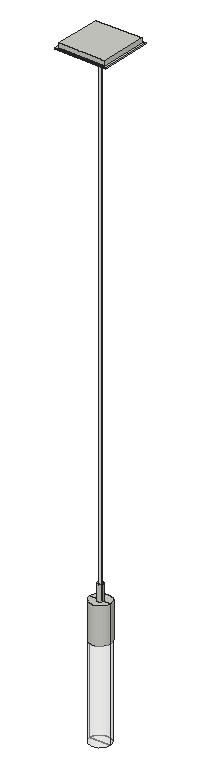
Revit family "Hemera_CDM_Cassandra-micro-suspension_R21", category Lighting Fixtures, host Ceiling, Revit 2021
Family settings
  Host = Ceiling
  Round Connector Dimension = Use Diameter
  Part Type = Normal
  OmniClass Number = 23.80.70.11
  OmniClass Title = Luminaries for Internal Lighting
  Always vertical = Yes
  Cut with Voids When Loaded = No
  Light Source = Yes
  Shared = No
  Room Calculation Point = No
Parameters (values of type "CDM-31-PWC-MD-COB-9W/90/30K-D010-UNV")
  Wattage = 10.75 W
  built-in parameter 1150110 = 1 (stored number, unit not read)
  HL_Wattage [instance] = if(HL_Voltage_120V, 10.8 W, 11 W)  # 10.8 W
  HL_Voltage_120V [instance] = yes
  HL_Voltage [instance] = if(HL_Voltage_120V, 120 V, 277 V)  # 120 V
  HL_URL = "http://www.hemeralighting.org/pdf/cassandra-micro-suspension"
  HL_CylinderSize = 228.60 mm
  HL_Suspension [instance] = if(HL_CableLength < 101.60 mm, 101.60 mm, if(HL_CableLength > 9144.00 mm, 9144.00 mm, HL_CableLength))  # 1219.20 mm
  HL_CordDiameter = if(HL_COC, 3.18 mm / 2, 6.35 mm / 2)  # 3.175 mm
  HL_CanopyRadius = HL_CanopyDiameter / 2  # 25.40 mm
  HL_REM-MC = not(HL_D010)  # no
  HL_NumberofPoles = 1
  HL_Model = "CASSANDRA Micro-Suspension"  # constant formula
  HL_CableLength [instance] = 1219.20 mm
  HL_LoadClassification = Eclairage
  HL_CanopyHeigth = 6.35 mm  # constant formula
  HL_Frequency = 60 Hz
  HL_FinishCanopy = 31-Polished nickel plated
  HL_FinishCylinder = 31-Polished nickel plated
  HL_FinishCable = PWC-Pearly white cord
  HL_Manufacturer = "Hèmèra Inc."  # constant formula
  HL_CanopyDiameter = 50.80 mm  # constant formula
  HL_CableStart = if(HL_D010, 10.92 mm + 1.65 mm + 19.05 mm, 6.35 mm + 9.53 mm)  # 31.62 mm
  HL_D010 = yes
  HL_ProductCode = "CDM"  # constant formula
  HL_FeatureCode = "CDM-31-PWC-MD-COB-9W/90/30K-D010-UNV"
  HL_COC = no
  HL_Amperage [instance] = if(HL_Voltage_120V, 0.09 A, 0.04 A)  # 0.09 A
  Photometric Web File = "CDM.ies"
  built-in parameter 1114217 = 0.7 (stored number, unit not read)
  built-in parameter 1150109 = 1 (stored number, unit not read)
  Emit from Circle Diameter = 50.80 mm  # constant formula
  Emit Shape Visible in Rendering = no
  built-in parameter 1150134 = (empty or 0)
  built-in parameter 1150113 = 1 (stored number, unit not read)
  Lumens = 496.65 lm
  built-in parameter 1150115 = 1 (stored number, unit not read)
  built-in parameter 1150105 = 39.522 (stored number, unit not read)
  built-in parameter 1150137 = (empty or 0)
  built-in parameter 1150139 = (empty or 0)
  built-in parameter 1150112 = 1 (stored number, unit not read)
  built-in parameter 1150114 = 1 (stored number, unit not read)
  built-in parameter 1150132 = (empty or 0)
  built-in parameter 1150102 = (empty or 0)
  built-in parameter 1150138 = (empty or 0)
  built-in parameter 1150107 = 3000 (stored number, unit not read)
  built-in parameter 1150106 = 0.39522 (stored number, unit not read)
  built-in parameter 1150104 = 4.2921 (stored number, unit not read)
  Dimming Lamp Color Temperature Shift = <None>
  Default Elevation = 0.00 mm
  Color Filter = 16777215
  built-in parameter 1114218 = 1 (stored number, unit not read)
  Tilt Angle = 90.00°  # constant formula
  built-in parameter 1150133 = 10 (stored number, unit not read)
Reference planes
  plane 1 "Light Source Axis (F/B)": y = 0
  plane 2 "Ceiling": z = 2438.4
  plane 3 "Light Source Axis (L/R)": x = 0
  plane 4 "Light Source Elevation": z = 1098.68
  plane 5: z = 1187.58
  plane 6: z = 2406.78
  plane 7: z = 2427.478
  plane 8: z = 2425.827
  plane 9: z = 2406.777
  plane 10: x = -57.15
  plane 11: x = 57.15
  plane 12: x = -63.5
  plane 13: x = 63.5
  plane 14: y = 57.15
  plane 15: y = -57.15
  plane 16: y = 63.5
  plane 17: y = -63.5
  plane 18: z = 1225.68
  plane 19: z = 870.08
Forms (mm)
  Revolve 1, solid, material "31-Polished nickel plated" <- "HL_FinishCanopy", visible <- "HL_REM-MC"
    sketch origin (0, 0, 0) x (1, 0, 0) y (0, 0, 1)
      loop
        line (-25.4, 2438.4) -> (-25.4, 2432.05) -> (-9.525, 2432.05) -> (-9.525, 2422.525) -> (0, 2422.525) -> (0, 2438.4) -> (-25.4, 2438.4)
      axis (0, 2438.4) -> (0, 2422.525)
    angle from 0 to 360
  Revolve 2, solid, material "31-Polished nickel plated" <- "HL_FinishCylinder"
    sketch origin (0, 0, 0) x (1, 0, 0) y (0, 0, 1)
      loop
        line (0, 1187.58) -> (-25.4, 1187.58) -> (-25.4, 1098.68) -> (0, 1098.68) -> (0, 1187.58)
      axis (0, 1187.58) -> (0, 1098.68)
    angle from 0 to 360
  Revolve 3, solid, material "PWC-Pearly white cord" <- "HL_FinishCable"
    sketch origin (0, 0, 0) x (1, 0, 0) y (0, 0, 1)
      loop
        line (0, 2406.78) -> (-3.175, 2406.78) -> (-3.175, 1187.58) -> (0, 1187.58) -> (0, 2406.78)
      axis (0, 2406.78) -> (0, 1187.58)
    angle from 0 to 360
  Extrusion 4, solid, material "31-Polished nickel plated" <- "HL_FinishCanopy", visible <- "HL_D010"
    sketch origin (0, 0, 0) x (1, 0, 0) y (0, 1, 0)
      loop
        line (-57.15, 57.15) -> (-57.15, -57.15) -> (57.15, -57.15) -> (57.15, 57.15) -> (-57.15, 57.15)
    from 2427.478 to 2438.4
  Extrusion 5, solid, material "31-Polished nickel plated" <- "HL_FinishCanopy", visible <- "HL_D010"
    sketch origin (0, 0, 0) x (1, 0, 0) y (0, 1, 0)
      loop
        line (-63.5, 63.5) -> (-63.5, -63.5) -> (63.5, -63.5) -> (63.5, 63.5) -> (-63.5, 63.5)
    from 2425.827 to 2427.478
  Revolve 6, solid, material "31-Polished nickel plated" <- "HL_FinishCanopy", visible <- "HL_D010"
    sketch origin (0, 0, 0) x (1, 0, 0) y (0, 0, 1)
      loop
        line (0, 2406.777) -> (6.35, 2406.777) -> (6.35, 2425.827) -> (0, 2425.827) -> (0, 2406.777)
      axis (0, 2406.777) -> (0, 2425.827)
    angle from 0 to 360
  Revolve 7, solid, material "Clear frosted rod acrylic"
    sketch origin (0, 0, 0) x (1, 0, 0) y (0, 0, 1)
      loop
        line (25.4, 870.08) -> (25.4, 1098.68) -> (0, 1098.68) -> (0, 870.08) -> (25.4, 870.08)
      axis (0, 870.08) -> (0, 1098.68)
    angle from 0 to 360
  Revolve 8, solid, material "31-Polished nickel plated" <- "HL_FinishCylinder"
    sketch origin (0, 0, 0) x (1, 0, 0) y (0, 0, 1)
      loop
        line (0, 1187.58) -> (6.35, 1187.58) -> (6.35, 1225.68) -> (0, 1225.68) -> (0, 1187.58)
      axis (0, 1187.58) -> (0, 1225.68)
    angle from 0 to 360
Text (mm)
  text "TO THE USER:\n To modify the length of the suspension cable, use the \"HL_CableLength\" occurrence parameter, which will send the information to the \"HL_Suspension\" parameter, which contains a restriction formula to respect the following dimensions of the cable:\n1. Minimum = 101.6 mm (4\")\n2. Maximum = 9144 mm (360\")\n To change the voltage of the power supply, you must check or uncheck, as the case may be, the occurrence parameter \"HL_Voltage_120V\"" at (-247.979, -3680.511, 2324.672), in view "Back"
  text "À L'UTILISATEUR:\nPour modifier la longueur du câble de suspension il faut utiliser le paramètre d'occurence \"HL_HL_CableLength\" lequel va envoyer l'information au paramètre \"HL_Suspension\" qui contient une formule de restriction pour respecter les dimensions suivantes du câble:\nMinimum = 101.6 mm (4\")\nMaximum = 9144 mm (360\")\nPour modifier le voltage d'alimentation électrique il faut cocher ou décocher, selon le cas, le paramètre d'occurence \"HL_Voltage_120V\"" at (-247.979, -3680.511, 1673.568), in view "Back"
Dimensions and locks
  equal spacing: host sketch curve, plane 3 "Light Source Axis (L/R)", host sketch curve
  equal spacing: host sketch curve, plane 1 "Light Source Axis (F/B)", host sketch curve
  host sketch curve to host sketch curve = 3048.00 mm  (x2)
  "HL_CanopyRadius": Revolve 1 sketch curve to plane 3 "Light Source Axis (L/R)"
  "HL_CanopyHeigth": plane 2 "Ceiling" to Revolve 1 sketch curve
  locked: Revolve 1 sketch curve to Revolve 1 sketch curve at 9.525  (x2)
  "HL_CableStart": plane 2 "Ceiling" to plane 6
  "HL_Suspension": plane 6 to plane 5
  locked: plane 5 to plane 4 "Light Source Elevation" at 88.9
  "HL_CordDiameter": plane 3 "Light Source Axis (L/R)" to Revolve 3 sketch curve
  equal spacing: plane 10, plane 3 "Light Source Axis (L/R)", plane 11
  locked: plane 10 to plane 3 "Light Source Axis (L/R)" at 57.15
  equal spacing: plane 14, plane 1 "Light Source Axis (F/B)", plane 15
  locked: plane 1 "Light Source Axis (F/B)" to plane 14 at 57.15
  equal spacing: plane 12, plane 3 "Light Source Axis (L/R)", plane 13
  locked: plane 12 to plane 3 "Light Source Axis (L/R)" at 63.5
  equal spacing: plane 16, plane 1 "Light Source Axis (F/B)", plane 17
  locked: plane 16 to plane 1 "Light Source Axis (F/B)" at 63.5
  locked: Revolve 6 sketch curve to plane 3 "Light Source Axis (L/R)" at 6.35
  "HL_CylinderSize": plane 19 to plane 4 "Light Source Elevation"
  locked: plane 3 "Light Source Axis (L/R)" to Revolve 2 sketch curve at 25.4
  locked: plane 5 to plane 18 at 38.1
  plane 9 to plane 8 to plane 7 to Revolve 1 = 19.05 mm locked, 1.651 mm locked, 10.922 mm locked
  aligned and locked: plane 3 "Light Source Axis (L/R)" to imposter light
  aligned and locked: plane 1 "Light Source Axis (F/B)" to imposter light
  aligned and locked: plane 4 "Light Source Elevation" to imposter light
  aligned and locked: Revolve 1 sketch curve to plane 3 "Light Source Axis (L/R)"  (x2)
  aligned and locked: Revolve 1 sketch curve to plane 2 "Ceiling"
  aligned and locked: Revolve 2 sketch curve to plane 3 "Light Source Axis (L/R)"  (x2)
  aligned and locked: Revolve 2 sketch curve to plane 5
  aligned and locked: Revolve 3 sketch curve to plane 3 "Light Source Axis (L/R)"  (x2)
  aligned and locked: Revolve 3 sketch curve to plane 6
  aligned and locked: Revolve 3 sketch curve to plane 5
  aligned and locked: Extrusion 4 sketch curve to plane 14
  aligned and locked: Extrusion 4 sketch curve to plane 10
  aligned and locked: Extrusion 4 sketch curve to plane 11
  aligned and locked: Extrusion 4 sketch curve to plane 15
  aligned and locked: Extrusion 5 sketch curve to plane 16
  aligned and locked: Extrusion 5 sketch curve to plane 12
  aligned and locked: Extrusion 5 sketch curve to plane 17
  aligned and locked: Extrusion 5 sketch curve to plane 13
  aligned and locked: plane 3 "Light Source Axis (L/R)" to Revolve 6 sketch curve  (x2)
  aligned and locked: plane 4 "Light Source Elevation" to Revolve 2
  aligned and locked: plane 3 "Light Source Axis (L/R)" to Revolve 7 sketch curve  (x2)
  aligned and locked: plane 19 to Revolve 7 sketch curve
  aligned and locked: plane 4 "Light Source Elevation" to Revolve 7 sketch curve
  aligned and locked: plane 3 "Light Source Axis (L/R)" to Revolve 8 sketch curve  (x2)
  aligned and locked: plane 18 to Revolve 8 sketch curve
  aligned and locked: plane 5 to Revolve 8 sketch curve
  aligned and locked: plane 7 to Extrusion 5
  aligned and locked: Extrusion 5 to plane 8
  aligned and locked: plane 9 to Revolve 6
  aligned and locked: plane 8 to Revolve 6
  aligned and locked: Extrusion 4 to plane 7
  aligned and locked: Extrusion 4 to Revolve 1
Automatic sketch dimensions
  Revolve 2 sketch curve to level = 304.80 mm
  plane 2 "Ceiling" to Revolve 2 sketch curve = 324.435 mm
  Revolve 1 sketch curve to level = 304.80 mm
  plane 2 "Ceiling" to Revolve 1 sketch curve = 324.435 mm
  Revolve 6 sketch curve to level = 89.409 mm
  plane 2 "Ceiling" to Revolve 6 sketch curve = 254.00 mm
  Revolve 2 sketch curve to plane 5 = 88.90 mm
  Revolve 7 sketch curve to level = 89.409 mm
  plane 2 "Ceiling" to Revolve 7 sketch curve = 254.00 mm
  Revolve 7 sketch curve to plane 13 = 38.10 mm
  Revolve 8 sketch curve to level = 89.409 mm
  plane 2 "Ceiling" to Revolve 8 sketch curve = 254.00 mm
  Revolve 8 sketch curve to plane 13 = 57.15 mm
  Revolve 6 sketch curve to plane 8 = 0.00 mm
  plane 9 to Revolve 6 sketch curve = 0.00 mm
  Revolve 3 sketch curve to level = 304.80 mm
  plane 2 "Ceiling" to Revolve 3 sketch curve = 324.435 mm
Connectors
  electrical at (0, 0, 2438.4), driven by "HL_NumberofPoles", driven by "HL_Voltage", driven by "HL_LoadClassification"
    settings: on Revolve 1, index 1, voltage 120 V, apparent load 0 VA, apparent load phase1 0 VA, apparent load phase2 0 VA, apparent load phase3 0 VA, power factor 1, load classification "Eclairage", number of poles 1, system type 30, power factor state 1, is connector primary yes, connector utility no, sub classification motor no, connector description ""
Types (224, lengths in mm): name | HL_CylinderSize | HL_CordDiameter | HL_REM-MC | HL_FinishCanopy | HL_FinishCylinder | HL_FinishCable | HL_CableStart | HL_D010 | HL_FeatureCode | HL_COC
  CDM-31-PWC-SM-COB-9W/90/30K-REM-MC-UNV | 76.20 | 3.175 | yes | 31-Polished nickel plated | 31-Polished nickel plated | PWC-Pearly white cord | 15.88 | no | "CDM-31-PWC-SM-COB-9W/90/30K-REM-MC-UNV" | no
  CDM-31-PWC-MD-COB-9W/90/30K-REM-MC-UNV | 228.60 | 3.175 | yes | 31-Polished nickel plated | 31-Polished nickel plated | PWC-Pearly white cord | 15.88 | no | "CDM-31-PWC-MD-COB-9W/90/30K-REM-MC-UNV" | no
  CDM-31-PWC-LG-COB-9W/90/30K-REM-MC-UNV | 457.20 | 3.175 | yes | 31-Polished nickel plated | 31-Polished nickel plated | PWC-Pearly white cord | 15.88 | no | "CDM-31-PWC-LG-COB-9W/90/30K-REM-MC-UNV" | no
  CDM-31-PWC-LG-COB-9W/90/30K-D010-UNV | 457.20 | 3.175 | no | 31-Polished nickel plated | 31-Polished nickel plated | PWC-Pearly white cord | 31.62 | yes | "CDM-31-PWC-LG-COB-9W/90/30K-D010-UNV" | no
  CDM-31-PWC-MD-COB-9W/90/30K-D010-UNV | 228.60 | 3.175 | no | 31-Polished nickel plated | 31-Polished nickel plated | PWC-Pearly white cord | 31.62 | yes | "CDM-31-PWC-MD-COB-9W/90/30K-D010-UNV" | no
  CDM-31-PWC-SM-COB-9W/90/30K-D010-UNV | 76.20 | 3.175 | no | 31-Polished nickel plated | 31-Polished nickel plated | PWC-Pearly white cord | 31.62 | yes | "CDM-31-PWC-SM-COB-9W/90/30K-D010-UNV" | no
  CDM-31-COC-SM-COB-9W/90/30K-REM-MC-UNV | 76.20 | 1.59 | yes | 31-Polished nickel plated | 31-Polished nickel plated | COC-Coaxial cable | 15.88 | no | "CDM-31-COC-SM-COB-9W/90/30K-REM-MC-UNV" | yes
  CDM-31-COC-SM-COB-9W/90/30K-D010-UNV | 76.20 | 1.59 | no | 31-Polished nickel plated | 31-Polished nickel plated | COC-Coaxial cable | 31.62 | yes | "CDM-31-COC-SM-COB-9W/90/30K-D010-UNV" | yes
  CDM-31-COC-MD-COB-9W/90/30K-REM-MC-UNV | 228.60 | 1.59 | yes | 31-Polished nickel plated | 31-Polished nickel plated | COC-Coaxial cable | 15.88 | no | "CDM-31-COC-MD-COB-9W/90/30K-REM-MC-UNV" | yes
  CDM-31-COC-MD-COB-9W/90/30K-D010-UNV | 228.60 | 1.59 | no | 31-Polished nickel plated | 31-Polished nickel plated | COC-Coaxial cable | 31.62 | yes | "CDM-31-COC-MD-COB-9W/90/30K-D010-UNV" | yes
  CDM-24-SGC-SM-COB-9W/90/30K-D010-UNV | 76.20 | 3.175 | no | 24-Brushed nickel plated | 24-Brushed nickel plated | SGC-Satin gold cord | 31.62 | yes | "CDM-24-SGC-SM-COB-9W/90/30K-D010-UNV" | no
  CDM-24-SGC-MD-COB-9W/90/30K-D010-UNV | 228.60 | 3.175 | no | 24-Brushed nickel plated | 24-Brushed nickel plated | SGC-Satin gold cord | 31.62 | yes | "CDM-24-SGC-MD-COB-9W/90/30K-D010-UNV" | no
  CDM-24-SGC-LG-COB-9W/90/30K-D010-UNV | 457.20 | 3.175 | no | 24-Brushed nickel plated | 24-Brushed nickel plated | SGC-Satin gold cord | 31.62 | yes | "CDM-24-SGC-LG-COB-9W/90/30K-D010-UNV" | no
  CDM-24-SGC-LG-COB-9W/90/30K-REM-MC-UNV | 457.20 | 3.175 | yes | 24-Brushed nickel plated | 24-Brushed nickel plated | SGC-Satin gold cord | 15.88 | no | "CDM-24-SGC-LG-COB-9W/90/30K-REM-MC-UNV" | no
  CDM-24-SGC-MD-COB-9W/90/30K-REM-MC-UNV | 228.60 | 3.175 | yes | 24-Brushed nickel plated | 24-Brushed nickel plated | SGC-Satin gold cord | 15.88 | no | "CDM-24-SGC-MD-COB-9W/90/30K-REM-MC-UNV" | no
  CDM-24-SGC-SM-COB-9W/90/30K-REM-MC-UNV | 76.20 | 3.175 | yes | 24-Brushed nickel plated | 24-Brushed nickel plated | SGC-Satin gold cord | 15.88 | no | "CDM-24-SGC-SM-COB-9W/90/30K-REM-MC-UNV" | no
  CDM-24-AGC-SM-COB-9W/90/30K-D010-UNV | 76.20 | 3.175 | no | 24-Brushed nickel plated | 24-Brushed nickel plated | AGC-Anthracite gray cord | 31.62 | yes | "CDM-24-AGC-SM-COB-9W/90/30K-D010-UNV" | no
  CDM-24-AGC-MD-COB-9W/90/30K-D010-UNV | 228.60 | 3.175 | no | 24-Brushed nickel plated | 24-Brushed nickel plated | AGC-Anthracite gray cord | 31.62 | yes | "CDM-24-AGC-MD-COB-9W/90/30K-D010-UNV" | no
  CDM-24-AGC-LG-COB-9W/90/30K-D010-UNV | 457.20 | 3.175 | no | 24-Brushed nickel plated | 24-Brushed nickel plated | AGC-Anthracite gray cord | 31.62 | yes | "CDM-24-AGC-LG-COB-9W/90/30K-D010-UNV" | no
  CDM-24-AGC-LG-COB-9W/90/30K-REM-MC-UNV | 457.20 | 3.175 | yes | 24-Brushed nickel plated | 24-Brushed nickel plated | AGC-Anthracite gray cord | 15.88 | no | "CDM-24-AGC-LG-COB-9W/90/30K-REM-MC-UNV" | no
  CDM-24-AGC-MD-COB-9W/90/30K-REM-MC-UNV | 228.60 | 3.175 | yes | 24-Brushed nickel plated | 24-Brushed nickel plated | AGC-Anthracite gray cord | 15.88 | no | "CDM-24-AGC-MD-COB-9W/90/30K-REM-MC-UNV" | no
  CDM-24-AGC-SM-COB-9W/90/30K-REM-MC-UNV | 76.20 | 3.175 | yes | 24-Brushed nickel plated | 24-Brushed nickel plated | AGC-Anthracite gray cord | 15.88 | no | "CDM-24-AGC-SM-COB-9W/90/30K-REM-MC-UNV" | no
  CDM-24-SBC-SM-COB-9W/90/30K-D010-UNV | 76.20 | 3.175 | no | 24-Brushed nickel plated | 24-Brushed nickel plated | SBC-Silky black cord | 31.62 | yes | "CDM-24-SBC-SM-COB-9W/90/30K-D010-UNV" | no
  CDM-24-SBC-MD-COB-9W/90/30K-D010-UNV | 228.60 | 3.175 | no | 24-Brushed nickel plated | 24-Brushed nickel plated | SBC-Silky black cord | 31.62 | yes | "CDM-24-SBC-MD-COB-9W/90/30K-D010-UNV" | no
  CDM-24-SBC-LG-COB-9W/90/30K-D010-UNV | 457.20 | 3.175 | no | 24-Brushed nickel plated | 24-Brushed nickel plated | SBC-Silky black cord | 31.62 | yes | "CDM-24-SBC-LG-COB-9W/90/30K-D010-UNV" | no
  CDM-24-SBC-LG-COB-9W/90/30K-REM-MC-UNV | 457.20 | 3.175 | yes | 24-Brushed nickel plated | 24-Brushed nickel plated | SBC-Silky black cord | 15.88 | no | "CDM-24-SBC-LG-COB-9W/90/30K-REM-MC-UNV" | no
  CDM-24-SBC-MD-COB-9W/90/30K-REM-MC-UNV | 228.60 | 3.175 | yes | 24-Brushed nickel plated | 24-Brushed nickel plated | SBC-Silky black cord | 15.88 | no | "CDM-24-SBC-MD-COB-9W/90/30K-REM-MC-UNV" | no
  CDM-24-SBC-SM-COB-9W/90/30K-REM-MC-UNV | 76.20 | 3.175 | yes | 24-Brushed nickel plated | 24-Brushed nickel plated | SBC-Silky black cord | 15.88 | no | "CDM-24-SBC-SM-COB-9W/90/30K-REM-MC-UNV" | no
  CDM-24-COC-MD-COB-9W/90/30K-D010-UNV | 228.60 | 1.59 | no | 24-Brushed nickel plated | 24-Brushed nickel plated | COC-Coaxial cable | 31.62 | yes | "CDM-24-COC-MD-COB-9W/90/30K-D010-UNV" | yes
  CDM-24-COC-MD-COB-9W/90/30K-REM-MC-UNV | 228.60 | 1.59 | yes | 24-Brushed nickel plated | 24-Brushed nickel plated | COC-Coaxial cable | 15.88 | no | "CDM-24-COC-MD-COB-9W/90/30K-REM-MC-UNV" | yes
  CDM-24-COC-SM-COB-9W/90/30K-D010-UNV | 76.20 | 1.59 | no | 24-Brushed nickel plated | 24-Brushed nickel plated | COC-Coaxial cable | 31.62 | yes | "CDM-24-COC-SM-COB-9W/90/30K-D010-UNV" | yes
  CDM-24-COC-SM-COB-9W/90/30K-REM-MC-UNV | 76.20 | 1.59 | yes | 24-Brushed nickel plated | 24-Brushed nickel plated | COC-Coaxial cable | 15.88 | no | "CDM-24-COC-SM-COB-9W/90/30K-REM-MC-UNV" | yes
  CDM-24-PWC-SM-COB-9W/90/30K-D010-UNV | 76.20 | 3.175 | no | 24-Brushed nickel plated | 24-Brushed nickel plated | PWC-Pearly white cord | 31.62 | yes | "CDM-24-PWC-SM-COB-9W/90/30K-D010-UNV" | no
  CDM-24-PWC-MD-COB-9W/90/30K-D010-UNV | 228.60 | 3.175 | no | 24-Brushed nickel plated | 24-Brushed nickel plated | PWC-Pearly white cord | 31.62 | yes | "CDM-24-PWC-MD-COB-9W/90/30K-D010-UNV" | no
  CDM-24-PWC-LG-COB-9W/90/30K-D010-UNV | 457.20 | 3.175 | no | 24-Brushed nickel plated | 24-Brushed nickel plated | PWC-Pearly white cord | 31.62 | yes | "CDM-24-PWC-LG-COB-9W/90/30K-D010-UNV" | no
  CDM-24-PWC-LG-COB-9W/90/30K-REM-MC-UNV | 457.20 | 3.175 | yes | 24-Brushed nickel plated | 24-Brushed nickel plated | PWC-Pearly white cord | 15.88 | no | "CDM-24-PWC-LG-COB-9W/90/30K-REM-MC-UNV" | no
  CDM-24-PWC-MD-COB-9W/90/30K-REM-MC-UNV | 228.60 | 3.175 | yes | 24-Brushed nickel plated | 24-Brushed nickel plated | PWC-Pearly white cord | 15.88 | no | "CDM-24-PWC-MD-COB-9W/90/30K-REM-MC-UNV" | no
  CDM-24-PWC-SM-COB-9W/90/30K-REM-MC-UNV | 76.20 | 3.175 | yes | 24-Brushed nickel plated | 24-Brushed nickel plated | PWC-Pearly white cord | 15.88 | no | "CDM-24-PWC-SM-COB-9W/90/30K-REM-MC-UNV" | no
  CDM-22-SGC-SM-COB-9W/90/30K-D010-UNV | 76.20 | 3.175 | no | 22-Brushed gold plated | 22-Brushed gold plated | SGC-Satin gold cord | 31.62 | yes | "CDM-22-SGC-SM-COB-9W/90/30K-D010-UNV" | no
  CDM-22-SGC-MD-COB-9W/90/30K-D010-UNV | 228.60 | 3.175 | no | 22-Brushed gold plated | 22-Brushed gold plated | SGC-Satin gold cord | 31.62 | yes | "CDM-22-SGC-MD-COB-9W/90/30K-D010-UNV" | no
  CDM-22-SGC-LG-COB-9W/90/30K-D010-UNV | 457.20 | 3.175 | no | 22-Brushed gold plated | 22-Brushed gold plated | SGC-Satin gold cord | 31.62 | yes | "CDM-22-SGC-LG-COB-9W/90/30K-D010-UNV" | no
  CDM-22-SGC-LG-COB-9W/90/30K-REM-MC-UNV | 457.20 | 3.175 | yes | 22-Brushed gold plated | 22-Brushed gold plated | SGC-Satin gold cord | 15.88 | no | "CDM-22-SGC-LG-COB-9W/90/30K-REM-MC-UNV" | no
  CDM-22-SGC-MD-COB-9W/90/30K-REM-MC-UNV | 228.60 | 3.175 | yes | 22-Brushed gold plated | 22-Brushed gold plated | SGC-Satin gold cord | 15.88 | no | "CDM-22-SGC-MD-COB-9W/90/30K-REM-MC-UNV" | no
  CDM-22-SGC-SM-COB-9W/90/30K-REM-MC-UNV | 76.20 | 3.175 | yes | 22-Brushed gold plated | 22-Brushed gold plated | SGC-Satin gold cord | 15.88 | no | "CDM-22-SGC-SM-COB-9W/90/30K-REM-MC-UNV" | no
  CDM-22-AGC-SM-COB-9W/90/30K-D010-UNV | 76.20 | 3.175 | no | 22-Brushed gold plated | 22-Brushed gold plated | AGC-Anthracite gray cord | 31.62 | yes | "CDM-22-AGC-SM-COB-9W/90/30K-D010-UNV" | no
  CDM-22-AGC-MD-COB-9W/90/30K-D010-UNV | 228.60 | 3.175 | no | 22-Brushed gold plated | 22-Brushed gold plated | AGC-Anthracite gray cord | 31.62 | yes | "CDM-22-AGC-MD-COB-9W/90/30K-D010-UNV" | no
  CDM-22-AGC-LG-COB-9W/90/30K-D010-UNV | 457.20 | 3.175 | no | 22-Brushed gold plated | 22-Brushed gold plated | AGC-Anthracite gray cord | 31.62 | yes | "CDM-22-AGC-LG-COB-9W/90/30K-D010-UNV" | no
  CDM-22-AGC-LG-COB-9W/90/30K-REM-MC-UNV | 457.20 | 3.175 | yes | 22-Brushed gold plated | 22-Brushed gold plated | AGC-Anthracite gray cord | 15.88 | no | "CDM-22-AGC-LG-COB-9W/90/30K-REM-MC-UNV" | no
  CDM-22-AGC-MD-COB-9W/90/30K-REM-MC-UNV | 228.60 | 3.175 | yes | 22-Brushed gold plated | 22-Brushed gold plated | AGC-Anthracite gray cord | 15.88 | no | "CDM-22-AGC-MD-COB-9W/90/30K-REM-MC-UNV" | no
  CDM-22-AGC-SM-COB-9W/90/30K-REM-MC-UNV | 76.20 | 3.175 | yes | 22-Brushed gold plated | 22-Brushed gold plated | AGC-Anthracite gray cord | 15.88 | no | "CDM-22-AGC-SM-COB-9W/90/30K-REM-MC-UNV" | no
  CDM-22-SBC-SM-COB-9W/90/30K-D010-UNV | 76.20 | 3.175 | no | 22-Brushed gold plated | 22-Brushed gold plated | SBC-Silky black cord | 31.62 | yes | "CDM-22-SBC-SM-COB-9W/90/30K-D010-UNV" | no
  CDM-22-SBC-MD-COB-9W/90/30K-D010-UNV | 228.60 | 3.175 | no | 22-Brushed gold plated | 22-Brushed gold plated | SBC-Silky black cord | 31.62 | yes | "CDM-22-SBC-MD-COB-9W/90/30K-D010-UNV" | no
  CDM-22-SBC-LG-COB-9W/90/30K-D010-UNV | 457.20 | 3.175 | no | 22-Brushed gold plated | 22-Brushed gold plated | SBC-Silky black cord | 31.62 | yes | "CDM-22-SBC-LG-COB-9W/90/30K-D010-UNV" | no
  CDM-22-SBC-LG-COB-9W/90/30K-REM-MC-UNV | 457.20 | 3.175 | yes | 22-Brushed gold plated | 22-Brushed gold plated | SBC-Silky black cord | 15.88 | no | "CDM-22-SBC-LG-COB-9W/90/30K-REM-MC-UNV" | no
  CDM-22-SBC-MD-COB-9W/90/30K-REM-MC-UNV | 228.60 | 3.175 | yes | 22-Brushed gold plated | 22-Brushed gold plated | SBC-Silky black cord | 15.88 | no | "CDM-22-SBC-MD-COB-9W/90/30K-REM-MC-UNV" | no
  CDM-22-SBC-SM-COB-9W/90/30K-REM-MC-UNV | 76.20 | 3.175 | yes | 22-Brushed gold plated | 22-Brushed gold plated | SBC-Silky black cord | 15.88 | no | "CDM-22-SBC-SM-COB-9W/90/30K-REM-MC-UNV" | no
  CDM-22-COC-MD-COB-9W/90/30K-D010-UNV | 228.60 | 1.59 | no | 22-Brushed gold plated | 22-Brushed gold plated | COC-Coaxial cable | 31.62 | yes | "CDM-22-COC-MD-COB-9W/90/30K-D010-UNV" | yes
  CDM-22-COC-MD-COB-9W/90/30K-REM-MC-UNV | 228.60 | 1.59 | yes | 22-Brushed gold plated | 22-Brushed gold plated | COC-Coaxial cable | 15.88 | no | "CDM-22-COC-MD-COB-9W/90/30K-REM-MC-UNV" | yes
  CDM-22-COC-SM-COB-9W/90/30K-D010-UNV | 76.20 | 1.59 | no | 22-Brushed gold plated | 22-Brushed gold plated | COC-Coaxial cable | 31.62 | yes | "CDM-22-COC-SM-COB-9W/90/30K-D010-UNV" | yes
  CDM-22-COC-SM-COB-9W/90/30K-REM-MC-UNV | 76.20 | 1.59 | yes | 22-Brushed gold plated | 22-Brushed gold plated | COC-Coaxial cable | 15.88 | no | "CDM-22-COC-SM-COB-9W/90/30K-REM-MC-UNV" | yes
  CDM-22-PWC-SM-COB-9W/90/30K-D010-UNV | 76.20 | 3.175 | no | 22-Brushed gold plated | 22-Brushed gold plated | PWC-Pearly white cord | 31.62 | yes | "CDM-22-PWC-SM-COB-9W/90/30K-D010-UNV" | no
  CDM-22-PWC-MD-COB-9W/90/30K-D010-UNV | 228.60 | 3.175 | no | 22-Brushed gold plated | 22-Brushed gold plated | PWC-Pearly white cord | 31.62 | yes | "CDM-22-PWC-MD-COB-9W/90/30K-D010-UNV" | no
  CDM-22-PWC-LG-COB-9W/90/30K-D010-UNV | 457.20 | 3.175 | no | 22-Brushed gold plated | 22-Brushed gold plated | PWC-Pearly white cord | 31.62 | yes | "CDM-22-PWC-LG-COB-9W/90/30K-D010-UNV" | no
  CDM-22-PWC-LG-COB-9W/90/30K-REM-MC-UNV | 457.20 | 3.175 | yes | 22-Brushed gold plated | 22-Brushed gold plated | PWC-Pearly white cord | 15.88 | no | "CDM-22-PWC-LG-COB-9W/90/30K-REM-MC-UNV" | no
  CDM-22-PWC-MD-COB-9W/90/30K-REM-MC-UNV | 228.60 | 3.175 | yes | 22-Brushed gold plated | 22-Brushed gold plated | PWC-Pearly white cord | 15.88 | no | "CDM-22-PWC-MD-COB-9W/90/30K-REM-MC-UNV" | no
  CDM-22-PWC-SM-COB-9W/90/30K-REM-MC-UNV | 76.20 | 3.175 | yes | 22-Brushed gold plated | 22-Brushed gold plated | PWC-Pearly white cord | 15.88 | no | "CDM-22-PWC-SM-COB-9W/90/30K-REM-MC-UNV" | no
  CDM-21-SGC-SM-COB-9W/90/30K-D010-UNV | 76.20 | 3.175 | no | 21-Polished gold plated | 21-Polished gold plated | SGC-Satin gold cord | 31.62 | yes | "CDM-21-SGC-SM-COB-9W/90/30K-D010-UNV" | no
  CDM-21-SGC-MD-COB-9W/90/30K-D010-UNV | 228.60 | 3.175 | no | 21-Polished gold plated | 21-Polished gold plated | SGC-Satin gold cord | 31.62 | yes | "CDM-21-SGC-MD-COB-9W/90/30K-D010-UNV" | no
  CDM-21-SGC-LG-COB-9W/90/30K-D010-UNV | 457.20 | 3.175 | no | 21-Polished gold plated | 21-Polished gold plated | SGC-Satin gold cord | 31.62 | yes | "CDM-21-SGC-LG-COB-9W/90/30K-D010-UNV" | no
  CDM-21-SGC-LG-COB-9W/90/30K-REM-MC-UNV | 457.20 | 3.175 | yes | 21-Polished gold plated | 21-Polished gold plated | SGC-Satin gold cord | 15.88 | no | "CDM-21-SGC-LG-COB-9W/90/30K-REM-MC-UNV" | no
  CDM-21-SGC-MD-COB-9W/90/30K-REM-MC-UNV | 228.60 | 3.175 | yes | 21-Polished gold plated | 21-Polished gold plated | SGC-Satin gold cord | 15.88 | no | "CDM-21-SGC-MD-COB-9W/90/30K-REM-MC-UNV" | no
  CDM-21-SGC-SM-COB-9W/90/30K-REM-MC-UNV | 76.20 | 3.175 | yes | 21-Polished gold plated | 21-Polished gold plated | SGC-Satin gold cord | 15.88 | no | "CDM-21-SGC-SM-COB-9W/90/30K-REM-MC-UNV" | no
  CDM-21-AGC-SM-COB-9W/90/30K-D010-UNV | 76.20 | 3.175 | no | 21-Polished gold plated | 21-Polished gold plated | AGC-Anthracite gray cord | 31.62 | yes | "CDM-21-AGC-SM-COB-9W/90/30K-D010-UNV" | no
  CDM-21-AGC-MD-COB-9W/90/30K-D010-UNV | 228.60 | 3.175 | no | 21-Polished gold plated | 21-Polished gold plated | AGC-Anthracite gray cord | 31.62 | yes | "CDM-21-AGC-MD-COB-9W/90/30K-D010-UNV" | no
  CDM-21-AGC-LG-COB-9W/90/30K-D010-UNV | 457.20 | 3.175 | no | 21-Polished gold plated | 21-Polished gold plated | AGC-Anthracite gray cord | 31.62 | yes | "CDM-21-AGC-LG-COB-9W/90/30K-D010-UNV" | no
  CDM-21-AGC-LG-COB-9W/90/30K-REM-MC-UNV | 457.20 | 3.175 | yes | 21-Polished gold plated | 21-Polished gold plated | AGC-Anthracite gray cord | 15.88 | no | "CDM-21-AGC-LG-COB-9W/90/30K-REM-MC-UNV" | no
  CDM-21-AGC-MD-COB-9W/90/30K-REM-MC-UNV | 228.60 | 3.175 | yes | 21-Polished gold plated | 21-Polished gold plated | AGC-Anthracite gray cord | 15.88 | no | "CDM-21-AGC-MD-COB-9W/90/30K-REM-MC-UNV" | no
  CDM-21-AGC-SM-COB-9W/90/30K-REM-MC-UNV | 76.20 | 3.175 | yes | 21-Polished gold plated | 21-Polished gold plated | AGC-Anthracite gray cord | 15.88 | no | "CDM-21-AGC-SM-COB-9W/90/30K-REM-MC-UNV" | no
  CDM-21-SBC-SM-COB-9W/90/30K-D010-UNV | 76.20 | 3.175 | no | 21-Polished gold plated | 21-Polished gold plated | SBC-Silky black cord | 31.62 | yes | "CDM-21-SBC-SM-COB-9W/90/30K-D010-UNV" | no
  CDM-21-SBC-MD-COB-9W/90/30K-D010-UNV | 228.60 | 3.175 | no | 21-Polished gold plated | 21-Polished gold plated | SBC-Silky black cord | 31.62 | yes | "CDM-21-SBC-MD-COB-9W/90/30K-D010-UNV" | no
  CDM-21-SBC-LG-COB-9W/90/30K-D010-UNV | 457.20 | 3.175 | no | 21-Polished gold plated | 21-Polished gold plated | SBC-Silky black cord | 31.62 | yes | "CDM-21-SBC-LG-COB-9W/90/30K-D010-UNV" | no
  CDM-21-SBC-LG-COB-9W/90/30K-REM-MC-UNV | 457.20 | 3.175 | yes | 21-Polished gold plated | 21-Polished gold plated | SBC-Silky black cord | 15.88 | no | "CDM-21-SBC-LG-COB-9W/90/30K-REM-MC-UNV" | no
  CDM-21-SBC-MD-COB-9W/90/30K-REM-MC-UNV | 228.60 | 3.175 | yes | 21-Polished gold plated | 21-Polished gold plated | SBC-Silky black cord | 15.88 | no | "CDM-21-SBC-MD-COB-9W/90/30K-REM-MC-UNV" | no
  CDM-21-SBC-SM-COB-9W/90/30K-REM-MC-UNV | 76.20 | 3.175 | yes | 21-Polished gold plated | 21-Polished gold plated | SBC-Silky black cord | 15.88 | no | "CDM-21-SBC-SM-COB-9W/90/30K-REM-MC-UNV" | no
  CDM-21-COC-MD-COB-9W/90/30K-D010-UNV | 228.60 | 1.59 | no | 21-Polished gold plated | 21-Polished gold plated | COC-Coaxial cable | 31.62 | yes | "CDM-21-COC-MD-COB-9W/90/30K-D010-UNV" | yes
  CDM-21-COC-MD-COB-9W/90/30K-REM-MC-UNV | 228.60 | 1.59 | yes | 21-Polished gold plated | 21-Polished gold plated | COC-Coaxial cable | 15.88 | no | "CDM-21-COC-MD-COB-9W/90/30K-REM-MC-UNV" | yes
  CDM-21-COC-SM-COB-9W/90/30K-D010-UNV | 76.20 | 1.59 | no | 21-Polished gold plated | 21-Polished gold plated | COC-Coaxial cable | 31.62 | yes | "CDM-21-COC-SM-COB-9W/90/30K-D010-UNV" | yes
  CDM-21-COC-SM-COB-9W/90/30K-REM-MC-UNV | 76.20 | 1.59 | yes | 21-Polished gold plated | 21-Polished gold plated | COC-Coaxial cable | 15.88 | no | "CDM-21-COC-SM-COB-9W/90/30K-REM-MC-UNV" | yes
  CDM-21-PWC-SM-COB-9W/90/30K-D010-UNV | 76.20 | 3.175 | no | 21-Polished gold plated | 21-Polished gold plated | PWC-Pearly white cord | 31.62 | yes | "CDM-21-PWC-SM-COB-9W/90/30K-D010-UNV" | no
  CDM-21-PWC-MD-COB-9W/90/30K-D010-UNV | 228.60 | 3.175 | no | 21-Polished gold plated | 21-Polished gold plated | PWC-Pearly white cord | 31.62 | yes | "CDM-21-PWC-MD-COB-9W/90/30K-D010-UNV" | no
  CDM-21-PWC-LG-COB-9W/90/30K-D010-UNV | 457.20 | 3.175 | no | 21-Polished gold plated | 21-Polished gold plated | PWC-Pearly white cord | 31.62 | yes | "CDM-21-PWC-LG-COB-9W/90/30K-D010-UNV" | no
  CDM-21-PWC-LG-COB-9W/90/30K-REM-MC-UNV | 457.20 | 3.175 | yes | 21-Polished gold plated | 21-Polished gold plated | PWC-Pearly white cord | 15.88 | no | "CDM-21-PWC-LG-COB-9W/90/30K-REM-MC-UNV" | no
  CDM-21-PWC-MD-COB-9W/90/30K-REM-MC-UNV | 228.60 | 3.175 | yes | 21-Polished gold plated | 21-Polished gold plated | PWC-Pearly white cord | 15.88 | no | "CDM-21-PWC-MD-COB-9W/90/30K-REM-MC-UNV" | no
  CDM-21-PWC-SM-COB-9W/90/30K-REM-MC-UNV | 76.20 | 3.175 | yes | 21-Polished gold plated | 21-Polished gold plated | PWC-Pearly white cord | 15.88 | no | "CDM-21-PWC-SM-COB-9W/90/30K-REM-MC-UNV" | no
  CDM-08-SGC-SM-COB-9W/90/30K-D010-UNV | 76.20 | 3.175 | no | 08-Dark mat bronze painted | 08-Dark mat bronze painted | SGC-Satin gold cord | 31.62 | yes | "CDM-08-SGC-SM-COB-9W/90/30K-D010-UNV" | no
  CDM-08-SGC-MD-COB-9W/90/30K-D010-UNV | 228.60 | 3.175 | no | 08-Dark mat bronze painted | 08-Dark mat bronze painted | SGC-Satin gold cord | 31.62 | yes | "CDM-08-SGC-MD-COB-9W/90/30K-D010-UNV" | no
  CDM-08-SGC-LG-COB-9W/90/30K-D010-UNV | 457.20 | 3.175 | no | 08-Dark mat bronze painted | 08-Dark mat bronze painted | SGC-Satin gold cord | 31.62 | yes | "CDM-08-SGC-LG-COB-9W/90/30K-D010-UNV" | no
  CDM-08-SGC-LG-COB-9W/90/30K-REM-MC-UNV | 457.20 | 3.175 | yes | 08-Dark mat bronze painted | 08-Dark mat bronze painted | SGC-Satin gold cord | 15.88 | no | "CDM-08-SGC-LG-COB-9W/90/30K-REM-MC-UNV" | no
  CDM-08-SGC-MD-COB-9W/90/30K-REM-MC-UNV | 228.60 | 3.175 | yes | 08-Dark mat bronze painted | 08-Dark mat bronze painted | SGC-Satin gold cord | 15.88 | no | "CDM-08-SGC-MD-COB-9W/90/30K-REM-MC-UNV" | no
  CDM-08-SGC-SM-COB-9W/90/30K-REM-MC-UNV | 76.20 | 3.175 | yes | 08-Dark mat bronze painted | 08-Dark mat bronze painted | SGC-Satin gold cord | 15.88 | no | "CDM-08-SGC-SM-COB-9W/90/30K-REM-MC-UNV" | no
  CDM-08-AGC-SM-COB-9W/90/30K-D010-UNV | 76.20 | 3.175 | no | 08-Dark mat bronze painted | 08-Dark mat bronze painted | AGC-Anthracite gray cord | 31.62 | yes | "CDM-08-AGC-SM-COB-9W/90/30K-D010-UNV" | no
  CDM-08-AGC-MD-COB-9W/90/30K-D010-UNV | 228.60 | 3.175 | no | 08-Dark mat bronze painted | 08-Dark mat bronze painted | AGC-Anthracite gray cord | 31.62 | yes | "CDM-08-AGC-MD-COB-9W/90/30K-D010-UNV" | no
  CDM-08-AGC-LG-COB-9W/90/30K-D010-UNV | 457.20 | 3.175 | no | 08-Dark mat bronze painted | 08-Dark mat bronze painted | AGC-Anthracite gray cord | 31.62 | yes | "CDM-08-AGC-LG-COB-9W/90/30K-D010-UNV" | no
  CDM-08-AGC-LG-COB-9W/90/30K-REM-MC-UNV | 457.20 | 3.175 | yes | 08-Dark mat bronze painted | 08-Dark mat bronze painted | AGC-Anthracite gray cord | 15.88 | no | "CDM-08-AGC-LG-COB-9W/90/30K-REM-MC-UNV" | no
  CDM-08-AGC-MD-COB-9W/90/30K-REM-MC-UNV | 228.60 | 3.175 | yes | 08-Dark mat bronze painted | 08-Dark mat bronze painted | AGC-Anthracite gray cord | 15.88 | no | "CDM-08-AGC-MD-COB-9W/90/30K-REM-MC-UNV" | no
  CDM-08-AGC-SM-COB-9W/90/30K-REM-MC-UNV | 76.20 | 3.175 | yes | 08-Dark mat bronze painted | 08-Dark mat bronze painted | AGC-Anthracite gray cord | 15.88 | no | "CDM-08-AGC-SM-COB-9W/90/30K-REM-MC-UNV" | no
  CDM-08-SBC-SM-COB-9W/90/30K-D010-UNV | 76.20 | 3.175 | no | 08-Dark mat bronze painted | 08-Dark mat bronze painted | SBC-Silky black cord | 31.62 | yes | "CDM-08-SBC-SM-COB-9W/90/30K-D010-UNV" | no
  CDM-08-SBC-MD-COB-9W/90/30K-D010-UNV | 228.60 | 3.175 | no | 08-Dark mat bronze painted | 08-Dark mat bronze painted | SBC-Silky black cord | 31.62 | yes | "CDM-08-SBC-MD-COB-9W/90/30K-D010-UNV" | no
  CDM-08-SBC-LG-COB-9W/90/30K-D010-UNV | 457.20 | 3.175 | no | 08-Dark mat bronze painted | 08-Dark mat bronze painted | SBC-Silky black cord | 31.62 | yes | "CDM-08-SBC-LG-COB-9W/90/30K-D010-UNV" | no
  CDM-08-SBC-LG-COB-9W/90/30K-REM-MC-UNV | 457.20 | 3.175 | yes | 08-Dark mat bronze painted | 08-Dark mat bronze painted | SBC-Silky black cord | 15.88 | no | "CDM-08-SBC-LG-COB-9W/90/30K-REM-MC-UNV" | no
  CDM-08-SBC-MD-COB-9W/90/30K-REM-MC-UNV | 228.60 | 3.175 | yes | 08-Dark mat bronze painted | 08-Dark mat bronze painted | SBC-Silky black cord | 15.88 | no | "CDM-08-SBC-MD-COB-9W/90/30K-REM-MC-UNV" | no
  CDM-08-SBC-SM-COB-9W/90/30K-REM-MC-UNV | 76.20 | 3.175 | yes | 08-Dark mat bronze painted | 08-Dark mat bronze painted | SBC-Silky black cord | 15.88 | no | "CDM-08-SBC-SM-COB-9W/90/30K-REM-MC-UNV" | no
  CDM-08-COC-MD-COB-9W/90/30K-D010-UNV | 228.60 | 1.59 | no | 08-Dark mat bronze painted | 08-Dark mat bronze painted | COC-Coaxial cable | 31.62 | yes | "CDM-08-COC-MD-COB-9W/90/30K-D010-UNV" | yes
  CDM-08-COC-MD-COB-9W/90/30K-REM-MC-UNV | 228.60 | 1.59 | yes | 08-Dark mat bronze painted | 08-Dark mat bronze painted | COC-Coaxial cable | 15.88 | no | "CDM-08-COC-MD-COB-9W/90/30K-REM-MC-UNV" | yes
  CDM-08-COC-SM-COB-9W/90/30K-D010-UNV | 76.20 | 1.59 | no | 08-Dark mat bronze painted | 08-Dark mat bronze painted | COC-Coaxial cable | 31.62 | yes | "CDM-08-COC-SM-COB-9W/90/30K-D010-UNV" | yes
  CDM-08-COC-SM-COB-9W/90/30K-REM-MC-UNV | 76.20 | 1.59 | yes | 08-Dark mat bronze painted | 08-Dark mat bronze painted | COC-Coaxial cable | 15.88 | no | "CDM-08-COC-SM-COB-9W/90/30K-REM-MC-UNV" | yes
  CDM-08-PWC-SM-COB-9W/90/30K-D010-UNV | 76.20 | 3.175 | no | 08-Dark mat bronze painted | 08-Dark mat bronze painted | PWC-Pearly white cord | 31.62 | yes | "CDM-08-PWC-SM-COB-9W/90/30K-D010-UNV" | no
  CDM-08-PWC-MD-COB-9W/90/30K-D010-UNV | 228.60 | 3.175 | no | 08-Dark mat bronze painted | 08-Dark mat bronze painted | PWC-Pearly white cord | 31.62 | yes | "CDM-08-PWC-MD-COB-9W/90/30K-D010-UNV" | no
  CDM-08-PWC-LG-COB-9W/90/30K-D010-UNV | 457.20 | 3.175 | no | 08-Dark mat bronze painted | 08-Dark mat bronze painted | PWC-Pearly white cord | 31.62 | yes | "CDM-08-PWC-LG-COB-9W/90/30K-D010-UNV" | no
  CDM-08-PWC-LG-COB-9W/90/30K-REM-MC-UNV | 457.20 | 3.175 | yes | 08-Dark mat bronze painted | 08-Dark mat bronze painted | PWC-Pearly white cord | 15.88 | no | "CDM-08-PWC-LG-COB-9W/90/30K-REM-MC-UNV" | no
  CDM-08-PWC-MD-COB-9W/90/30K-REM-MC-UNV | 228.60 | 3.175 | yes | 08-Dark mat bronze painted | 08-Dark mat bronze painted | PWC-Pearly white cord | 15.88 | no | "CDM-08-PWC-MD-COB-9W/90/30K-REM-MC-UNV" | no
  CDM-08-PWC-SM-COB-9W/90/30K-REM-MC-UNV | 76.20 | 3.175 | yes | 08-Dark mat bronze painted | 08-Dark mat bronze painted | PWC-Pearly white cord | 15.88 | no | "CDM-08-PWC-SM-COB-9W/90/30K-REM-MC-UNV" | no
  CDM-03-SGC-SM-COB-9W/90/30K-D010-UNV | 76.20 | 3.175 | no | 03-Warm dark grey painted | 03-Warm dark grey painted | SGC-Satin gold cord | 31.62 | yes | "CDM-03-SGC-SM-COB-9W/90/30K-D010-UNV" | no
  CDM-03-SGC-MD-COB-9W/90/30K-D010-UNV | 228.60 | 3.175 | no | 03-Warm dark grey painted | 03-Warm dark grey painted | SGC-Satin gold cord | 31.62 | yes | "CDM-03-SGC-MD-COB-9W/90/30K-D010-UNV" | no
  CDM-03-SGC-LG-COB-9W/90/30K-D010-UNV | 457.20 | 3.175 | no | 03-Warm dark grey painted | 03-Warm dark grey painted | SGC-Satin gold cord | 31.62 | yes | "CDM-03-SGC-LG-COB-9W/90/30K-D010-UNV" | no
  CDM-03-SGC-LG-COB-9W/90/30K-REM-MC-UNV | 457.20 | 3.175 | yes | 03-Warm dark grey painted | 03-Warm dark grey painted | SGC-Satin gold cord | 15.88 | no | "CDM-03-SGC-LG-COB-9W/90/30K-REM-MC-UNV" | no
  CDM-03-SGC-MD-COB-9W/90/30K-REM-MC-UNV | 228.60 | 3.175 | yes | 03-Warm dark grey painted | 03-Warm dark grey painted | SGC-Satin gold cord | 15.88 | no | "CDM-03-SGC-MD-COB-9W/90/30K-REM-MC-UNV" | no
  CDM-03-SGC-SM-COB-9W/90/30K-REM-MC-UNV | 76.20 | 3.175 | yes | 03-Warm dark grey painted | 03-Warm dark grey painted | SGC-Satin gold cord | 15.88 | no | "CDM-03-SGC-SM-COB-9W/90/30K-REM-MC-UNV" | no
  CDM-03-AGC-SM-COB-9W/90/30K-D010-UNV | 76.20 | 3.175 | no | 03-Warm dark grey painted | 03-Warm dark grey painted | AGC-Anthracite gray cord | 31.62 | yes | "CDM-03-AGC-SM-COB-9W/90/30K-D010-UNV" | no
  CDM-03-AGC-MD-COB-9W/90/30K-D010-UNV | 228.60 | 3.175 | no | 03-Warm dark grey painted | 03-Warm dark grey painted | AGC-Anthracite gray cord | 31.62 | yes | "CDM-03-AGC-MD-COB-9W/90/30K-D010-UNV" | no
  CDM-03-AGC-LG-COB-9W/90/30K-D010-UNV | 457.20 | 3.175 | no | 03-Warm dark grey painted | 03-Warm dark grey painted | AGC-Anthracite gray cord | 31.62 | yes | "CDM-03-AGC-LG-COB-9W/90/30K-D010-UNV" | no
  CDM-03-AGC-LG-COB-9W/90/30K-REM-MC-UNV | 457.20 | 3.175 | yes | 03-Warm dark grey painted | 03-Warm dark grey painted | AGC-Anthracite gray cord | 15.88 | no | "CDM-03-AGC-LG-COB-9W/90/30K-REM-MC-UNV" | no
  CDM-03-AGC-MD-COB-9W/90/30K-REM-MC-UNV | 228.60 | 3.175 | yes | 03-Warm dark grey painted | 03-Warm dark grey painted | AGC-Anthracite gray cord | 15.88 | no | "CDM-03-AGC-MD-COB-9W/90/30K-REM-MC-UNV" | no
  CDM-03-AGC-SM-COB-9W/90/30K-REM-MC-UNV | 76.20 | 3.175 | yes | 03-Warm dark grey painted | 03-Warm dark grey painted | AGC-Anthracite gray cord | 15.88 | no | "CDM-03-AGC-SM-COB-9W/90/30K-REM-MC-UNV" | no
  CDM-03-SBC-SM-COB-9W/90/30K-D010-UNV | 76.20 | 3.175 | no | 03-Warm dark grey painted | 03-Warm dark grey painted | SBC-Silky black cord | 31.62 | yes | "CDM-03-SBC-SM-COB-9W/90/30K-D010-UNV" | no
  CDM-03-SBC-MD-COB-9W/90/30K-D010-UNV | 228.60 | 3.175 | no | 03-Warm dark grey painted | 03-Warm dark grey painted | SBC-Silky black cord | 31.62 | yes | "CDM-03-SBC-MD-COB-9W/90/30K-D010-UNV" | no
  CDM-03-SBC-LG-COB-9W/90/30K-D010-UNV | 457.20 | 3.175 | no | 03-Warm dark grey painted | 03-Warm dark grey painted | SBC-Silky black cord | 31.62 | yes | "CDM-03-SBC-LG-COB-9W/90/30K-D010-UNV" | no
  CDM-03-SBC-LG-COB-9W/90/30K-REM-MC-UNV | 457.20 | 3.175 | yes | 03-Warm dark grey painted | 03-Warm dark grey painted | SBC-Silky black cord | 15.88 | no | "CDM-03-SBC-LG-COB-9W/90/30K-REM-MC-UNV" | no
  CDM-03-SBC-MD-COB-9W/90/30K-REM-MC-UNV | 228.60 | 3.175 | yes | 03-Warm dark grey painted | 03-Warm dark grey painted | SBC-Silky black cord | 15.88 | no | "CDM-03-SBC-MD-COB-9W/90/30K-REM-MC-UNV" | no
  CDM-03-SBC-SM-COB-9W/90/30K-REM-MC-UNV | 76.20 | 3.175 | yes | 03-Warm dark grey painted | 03-Warm dark grey painted | SBC-Silky black cord | 15.88 | no | "CDM-03-SBC-SM-COB-9W/90/30K-REM-MC-UNV" | no
  CDM-03-COC-MD-COB-9W/90/30K-D010-UNV | 228.60 | 1.59 | no | 03-Warm dark grey painted | 03-Warm dark grey painted | COC-Coaxial cable | 31.62 | yes | "CDM-03-COC-MD-COB-9W/90/30K-D010-UNV" | yes
  CDM-03-COC-MD-COB-9W/90/30K-REM-MC-UNV | 228.60 | 1.59 | yes | 03-Warm dark grey painted | 03-Warm dark grey painted | COC-Coaxial cable | 15.88 | no | "CDM-03-COC-MD-COB-9W/90/30K-REM-MC-UNV" | yes
  CDM-03-COC-SM-COB-9W/90/30K-D010-UNV | 76.20 | 1.59 | no | 03-Warm dark grey painted | 03-Warm dark grey painted | COC-Coaxial cable | 31.62 | yes | "CDM-03-COC-SM-COB-9W/90/30K-D010-UNV" | yes
  CDM-03-COC-SM-COB-9W/90/30K-REM-MC-UNV | 76.20 | 1.59 | yes | 03-Warm dark grey painted | 03-Warm dark grey painted | COC-Coaxial cable | 15.88 | no | "CDM-03-COC-SM-COB-9W/90/30K-REM-MC-UNV" | yes
  CDM-03-PWC-SM-COB-9W/90/30K-D010-UNV | 76.20 | 3.175 | no | 03-Warm dark grey painted | 03-Warm dark grey painted | PWC-Pearly white cord | 31.62 | yes | "CDM-03-PWC-SM-COB-9W/90/30K-D010-UNV" | no
  CDM-03-PWC-MD-COB-9W/90/30K-D010-UNV | 228.60 | 3.175 | no | 03-Warm dark grey painted | 03-Warm dark grey painted | PWC-Pearly white cord | 31.62 | yes | "CDM-03-PWC-MD-COB-9W/90/30K-D010-UNV" | no
  CDM-03-PWC-LG-COB-9W/90/30K-D010-UNV | 457.20 | 3.175 | no | 03-Warm dark grey painted | 03-Warm dark grey painted | PWC-Pearly white cord | 31.62 | yes | "CDM-03-PWC-LG-COB-9W/90/30K-D010-UNV" | no
  CDM-03-PWC-LG-COB-9W/90/30K-REM-MC-UNV | 457.20 | 3.175 | yes | 03-Warm dark grey painted | 03-Warm dark grey painted | PWC-Pearly white cord | 15.88 | no | "CDM-03-PWC-LG-COB-9W/90/30K-REM-MC-UNV" | no
  CDM-03-PWC-MD-COB-9W/90/30K-REM-MC-UNV | 228.60 | 3.175 | yes | 03-Warm dark grey painted | 03-Warm dark grey painted | PWC-Pearly white cord | 15.88 | no | "CDM-03-PWC-MD-COB-9W/90/30K-REM-MC-UNV" | no
  CDM-03-PWC-SM-COB-9W/90/30K-REM-MC-UNV | 76.20 | 3.175 | yes | 03-Warm dark grey painted | 03-Warm dark grey painted | PWC-Pearly white cord | 15.88 | no | "CDM-03-PWC-SM-COB-9W/90/30K-REM-MC-UNV" | no
  CDM-02-SGC-SM-COB-9W/90/30K-D010-UNV | 76.20 | 3.175 | no | 02-Black painted | 02-Black painted | SGC-Satin gold cord | 31.62 | yes | "CDM-02-SGC-SM-COB-9W/90/30K-D010-UNV" | no
  CDM-02-SGC-MD-COB-9W/90/30K-D010-UNV | 228.60 | 3.175 | no | 02-Black painted | 02-Black painted | SGC-Satin gold cord | 31.62 | yes | "CDM-02-SGC-MD-COB-9W/90/30K-D010-UNV" | no
  CDM-02-SGC-LG-COB-9W/90/30K-D010-UNV | 457.20 | 3.175 | no | 02-Black painted | 02-Black painted | SGC-Satin gold cord | 31.62 | yes | "CDM-02-SGC-LG-COB-9W/90/30K-D010-UNV" | no
  CDM-02-SGC-LG-COB-9W/90/30K-REM-MC-UNV | 457.20 | 3.175 | yes | 02-Black painted | 02-Black painted | SGC-Satin gold cord | 15.88 | no | "CDM-02-SGC-LG-COB-9W/90/30K-REM-MC-UNV" | no
  CDM-02-SGC-MD-COB-9W/90/30K-REM-MC-UNV | 228.60 | 3.175 | yes | 02-Black painted | 02-Black painted | SGC-Satin gold cord | 15.88 | no | "CDM-02-SGC-MD-COB-9W/90/30K-REM-MC-UNV" | no
  CDM-02-SGC-SM-COB-9W/90/30K-REM-MC-UNV | 76.20 | 3.175 | yes | 02-Black painted | 02-Black painted | SGC-Satin gold cord | 15.88 | no | "CDM-02-SGC-SM-COB-9W/90/30K-REM-MC-UNV" | no
  CDM-02-AGC-SM-COB-9W/90/30K-D010-UNV | 76.20 | 3.175 | no | 02-Black painted | 02-Black painted | AGC-Anthracite gray cord | 31.62 | yes | "CDM-02-AGC-SM-COB-9W/90/30K-D010-UNV" | no
  CDM-02-AGC-MD-COB-9W/90/30K-D010-UNV | 228.60 | 3.175 | no | 02-Black painted | 02-Black painted | AGC-Anthracite gray cord | 31.62 | yes | "CDM-02-AGC-MD-COB-9W/90/30K-D010-UNV" | no
  CDM-02-AGC-LG-COB-9W/90/30K-D010-UNV | 457.20 | 3.175 | no | 02-Black painted | 02-Black painted | AGC-Anthracite gray cord | 31.62 | yes | "CDM-02-AGC-LG-COB-9W/90/30K-D010-UNV" | no
  CDM-02-AGC-LG-COB-9W/90/30K-REM-MC-UNV | 457.20 | 3.175 | yes | 02-Black painted | 02-Black painted | AGC-Anthracite gray cord | 15.88 | no | "CDM-02-AGC-LG-COB-9W/90/30K-REM-MC-UNV" | no
  CDM-02-AGC-MD-COB-9W/90/30K-REM-MC-UNV | 228.60 | 3.175 | yes | 02-Black painted | 02-Black painted | AGC-Anthracite gray cord | 15.88 | no | "CDM-02-AGC-MD-COB-9W/90/30K-REM-MC-UNV" | no
  CDM-02-AGC-SM-COB-9W/90/30K-REM-MC-UNV | 76.20 | 3.175 | yes | 02-Black painted | 02-Black painted | AGC-Anthracite gray cord | 15.88 | no | "CDM-02-AGC-SM-COB-9W/90/30K-REM-MC-UNV" | no
  CDM-02-SBC-SM-COB-9W/90/30K-D010-UNV | 76.20 | 3.175 | no | 02-Black painted | 02-Black painted | SBC-Silky black cord | 31.62 | yes | "CDM-02-SBC-SM-COB-9W/90/30K-D010-UNV" | no
  CDM-02-SBC-MD-COB-9W/90/30K-D010-UNV | 228.60 | 3.175 | no | 02-Black painted | 02-Black painted | SBC-Silky black cord | 31.62 | yes | "CDM-02-SBC-MD-COB-9W/90/30K-D010-UNV" | no
  CDM-02-SBC-LG-COB-9W/90/30K-D010-UNV | 457.20 | 3.175 | no | 02-Black painted | 02-Black painted | SBC-Silky black cord | 31.62 | yes | "CDM-02-SBC-LG-COB-9W/90/30K-D010-UNV" | no
  CDM-02-SBC-LG-COB-9W/90/30K-REM-MC-UNV | 457.20 | 3.175 | yes | 02-Black painted | 02-Black painted | SBC-Silky black cord | 15.88 | no | "CDM-02-SBC-LG-COB-9W/90/30K-REM-MC-UNV" | no
  CDM-02-SBC-MD-COB-9W/90/30K-REM-MC-UNV | 228.60 | 3.175 | yes | 02-Black painted | 02-Black painted | SBC-Silky black cord | 15.88 | no | "CDM-02-SBC-MD-COB-9W/90/30K-REM-MC-UNV" | no
  CDM-02-SBC-SM-COB-9W/90/30K-REM-MC-UNV | 76.20 | 3.175 | yes | 02-Black painted | 02-Black painted | SBC-Silky black cord | 15.88 | no | "CDM-02-SBC-SM-COB-9W/90/30K-REM-MC-UNV" | no
  CDM-02-COC-MD-COB-9W/90/30K-D010-UNV | 228.60 | 1.59 | no | 02-Black painted | 02-Black painted | COC-Coaxial cable | 31.62 | yes | "CDM-02-COC-MD-COB-9W/90/30K-D010-UNV" | yes
  CDM-02-COC-MD-COB-9W/90/30K-REM-MC-UNV | 228.60 | 1.59 | yes | 02-Black painted | 02-Black painted | COC-Coaxial cable | 15.88 | no | "CDM-02-COC-MD-COB-9W/90/30K-REM-MC-UNV" | yes
  CDM-02-COC-SM-COB-9W/90/30K-D010-UNV | 76.20 | 1.59 | no | 02-Black painted | 02-Black painted | COC-Coaxial cable | 31.62 | yes | "CDM-02-COC-SM-COB-9W/90/30K-D010-UNV" | yes
  CDM-02-COC-SM-COB-9W/90/30K-REM-MC-UNV | 76.20 | 1.59 | yes | 02-Black painted | 02-Black painted | COC-Coaxial cable | 15.88 | no | "CDM-02-COC-SM-COB-9W/90/30K-REM-MC-UNV" | yes
  CDM-02-PWC-SM-COB-9W/90/30K-D010-UNV | 76.20 | 3.175 | no | 02-Black painted | 02-Black painted | PWC-Pearly white cord | 31.62 | yes | "CDM-02-PWC-SM-COB-9W/90/30K-D010-UNV" | no
  CDM-02-PWC-MD-COB-9W/90/30K-D010-UNV | 228.60 | 3.175 | no | 02-Black painted | 02-Black painted | PWC-Pearly white cord | 31.62 | yes | "CDM-02-PWC-MD-COB-9W/90/30K-D010-UNV" | no
  CDM-02-PWC-LG-COB-9W/90/30K-D010-UNV | 457.20 | 3.175 | no | 02-Black painted | 02-Black painted | PWC-Pearly white cord | 31.62 | yes | "CDM-02-PWC-LG-COB-9W/90/30K-D010-UNV" | no
  CDM-02-PWC-LG-COB-9W/90/30K-REM-MC-UNV | 457.20 | 3.175 | yes | 02-Black painted | 02-Black painted | PWC-Pearly white cord | 15.88 | no | "CDM-02-PWC-LG-COB-9W/90/30K-REM-MC-UNV" | no
  CDM-02-PWC-MD-COB-9W/90/30K-REM-MC-UNV | 228.60 | 3.175 | yes | 02-Black painted | 02-Black painted | PWC-Pearly white cord | 15.88 | no | "CDM-02-PWC-MD-COB-9W/90/30K-REM-MC-UNV" | no
  CDM-02-PWC-SM-COB-9W/90/30K-REM-MC-UNV | 76.20 | 3.175 | yes | 02-Black painted | 02-Black painted | PWC-Pearly white cord | 15.88 | no | "CDM-02-PWC-SM-COB-9W/90/30K-REM-MC-UNV" | no
  CDM-01-SGC-SM-COB-9W/90/30K-D010-UNV | 76.20 | 3.175 | no | 01-White painted | 01-White painted | SGC-Satin gold cord | 31.62 | yes | "CDM-01-SGC-SM-COB-9W/90/30K-D010-UNV" | no
  CDM-01-SGC-MD-COB-9W/90/30K-D010-UNV | 228.60 | 3.175 | no | 01-White painted | 01-White painted | SGC-Satin gold cord | 31.62 | yes | "CDM-01-SGC-MD-COB-9W/90/30K-D010-UNV" | no
  CDM-01-SGC-LG-COB-9W/90/30K-D010-UNV | 457.20 | 3.175 | no | 01-White painted | 01-White painted | SGC-Satin gold cord | 31.62 | yes | "CDM-01-SGC-LG-COB-9W/90/30K-D010-UNV" | no
  CDM-01-SGC-LG-COB-9W/90/30K-REM-MC-UNV | 457.20 | 3.175 | yes | 01-White painted | 01-White painted | SGC-Satin gold cord | 15.88 | no | "CDM-01-SGC-LG-COB-9W/90/30K-REM-MC-UNV" | no
  CDM-01-SGC-MD-COB-9W/90/30K-REM-MC-UNV | 228.60 | 3.175 | yes | 01-White painted | 01-White painted | SGC-Satin gold cord | 15.88 | no | "CDM-01-SGC-MD-COB-9W/90/30K-REM-MC-UNV" | no
  CDM-01-SGC-SM-COB-9W/90/30K-REM-MC-UNV | 76.20 | 3.175 | yes | 01-White painted | 01-White painted | SGC-Satin gold cord | 15.88 | no | "CDM-01-SGC-SM-COB-9W/90/30K-REM-MC-UNV" | no
  CDM-01-AGC-SM-COB-9W/90/30K-D010-UNV | 76.20 | 3.175 | no | 01-White painted | 01-White painted | AGC-Anthracite gray cord | 31.62 | yes | "CDM-01-AGC-SM-COB-9W/90/30K-D010-UNV" | no
  CDM-01-AGC-MD-COB-9W/90/30K-D010-UNV | 228.60 | 3.175 | no | 01-White painted | 01-White painted | AGC-Anthracite gray cord | 31.62 | yes | "CDM-01-AGC-MD-COB-9W/90/30K-D010-UNV" | no
  CDM-01-AGC-LG-COB-9W/90/30K-D010-UNV | 457.20 | 3.175 | no | 01-White painted | 01-White painted | AGC-Anthracite gray cord | 31.62 | yes | "CDM-01-AGC-LG-COB-9W/90/30K-D010-UNV" | no
  CDM-01-AGC-LG-COB-9W/90/30K-REM-MC-UNV | 457.20 | 3.175 | yes | 01-White painted | 01-White painted | AGC-Anthracite gray cord | 15.88 | no | "CDM-01-AGC-LG-COB-9W/90/30K-REM-MC-UNV" | no
  CDM-01-AGC-MD-COB-9W/90/30K-REM-MC-UNV | 228.60 | 3.175 | yes | 01-White painted | 01-White painted | AGC-Anthracite gray cord | 15.88 | no | "CDM-01-AGC-MD-COB-9W/90/30K-REM-MC-UNV" | no
  CDM-01-AGC-SM-COB-9W/90/30K-REM-MC-UNV | 76.20 | 3.175 | yes | 01-White painted | 01-White painted | AGC-Anthracite gray cord | 15.88 | no | "CDM-01-AGC-SM-COB-9W/90/30K-REM-MC-UNV" | no
  CDM-01-SBC-SM-COB-9W/90/30K-D010-UNV | 76.20 | 3.175 | no | 01-White painted | 01-White painted | SBC-Silky black cord | 31.62 | yes | "CDM-01-SBC-SM-COB-9W/90/30K-D010-UNV" | no
  CDM-01-SBC-MD-COB-9W/90/30K-D010-UNV | 228.60 | 3.175 | no | 01-White painted | 01-White painted | SBC-Silky black cord | 31.62 | yes | "CDM-01-SBC-MD-COB-9W/90/30K-D010-UNV" | no
  CDM-01-SBC-LG-COB-9W/90/30K-D010-UNV | 457.20 | 3.175 | no | 01-White painted | 01-White painted | SBC-Silky black cord | 31.62 | yes | "CDM-01-SBC-LG-COB-9W/90/30K-D010-UNV" | no
  CDM-01-SBC-LG-COB-9W/90/30K-REM-MC-UNV | 457.20 | 3.175 | yes | 01-White painted | 01-White painted | SBC-Silky black cord | 15.88 | no | "CDM-01-SBC-LG-COB-9W/90/30K-REM-MC-UNV" | no
